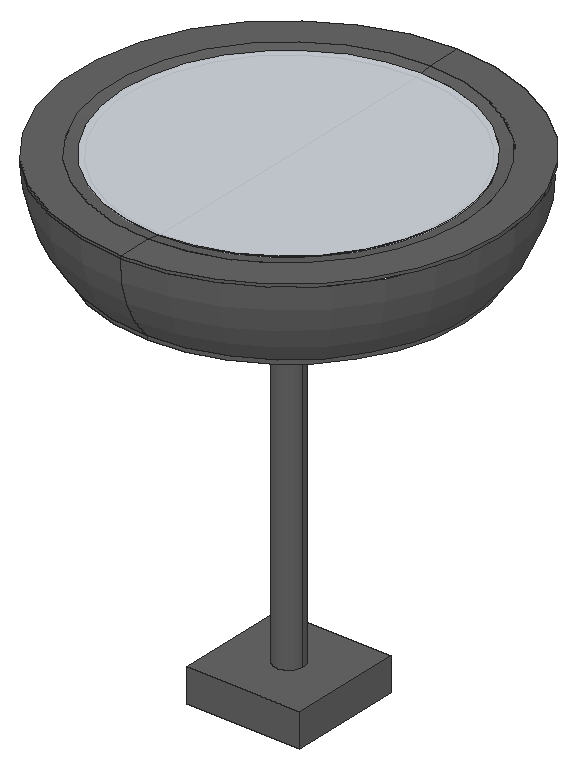
Revit family "SRT2-Pendant", category Lighting Fixtures, host Face, Revit 2021
Family settings
  Host = Face
  Round Connector Dimension = Use Diameter
  Part Type = Normal
  OmniClass Number = 23.80.70.11.14.11
  OmniClass Title = Downlights
  Cut with Voids When Loaded = No
  Light Source = Yes
  Shared = No
  Room Calculation Point = No
Parameters (values of type "SRT2")
  Wattage Comments = "30-140W"
  Wattage = 55 W
  Warranty = "• 5 year warranty\r\n• See HLI Standard Warranty for\r\nadditional information"  # constant formula
  built-in parameter 1150110 = 1 (stored number, unit not read)
  Voltage = 120 V
  built-in parameter 1114217 = 1 (stored number, unit not read)
  Tilt Angle = -90.00°  # constant formula
  built-in parameter 1150109 = 1 (stored number, unit not read)
  built-in parameter 1150134 = 3
  built-in parameter 1150113 = 1 (stored number, unit not read)
  Photometric Web File = "generic.ies"
  Features = "•\tSize measuring 18.5 inch x 4.0 inch\r\n•\tVisual comfort Edge-Lit design\r\n•\t4,000-16,000 lumens\r\n•\tOption uplight module provides 800 lumens of indirect illumination\r\n•\tSurface, pendant and trunnion mounting options\r\n•\tControl options including occupancy sensing, NX Distributed Intelligence™, wiSCAPE®\r\n•\tBattery backup and UL 924 control options\r\n•\tOptional bird shield and vandal deterring wire guard\r\n"  # constant formula
  Cord Height = 17.500"  # constant formula
  built-in parameter 1150105 = 433.3 (stored number, unit not read)
  Lumens = 5445 lm
  built-in parameter 1150115 = 1 (stored number, unit not read)
  built-in parameter 1150137 = (empty or 0)
  built-in parameter 1150139 = (empty or 0)
  built-in parameter 1150112 = 1 (stored number, unit not read)
  built-in parameter 1150114 = 1 (stored number, unit not read)
  built-in parameter 1150132 = (empty or 0)
  built-in parameter 1150102 = (empty or 0)
  built-in parameter 1150107 = 3200 (stored number, unit not read)
  built-in parameter 1150138 = (empty or 0)
  built-in parameter 1150106 = 4.333 (stored number, unit not read)
  Emit from Circle Diameter = 4.000"  # constant formula
  Emit Shape Visible in Rendering = no
  built-in parameter 1150104 = 9.1974 (stored number, unit not read)
  Dimming Lamp Color Temperature Shift = <None>
  Copyright = "©  Beacon Products"  # constant formula
  Contact us = ""
  Color Filter = 16777215
  Certifications = "• Listed to UL1598 for use in wet location,\r\nlisted for -40o\r\nC to 40o\r\nC applications\r\n• IDA approved with zero uplight for 3000K\r\nand warmer CCTs\r\n• IP65"  # constant formula
  built-in parameter 1114218 = 1 (stored number, unit not read)
  Ballast = Paint - Carbon Black
  URL = "https://www.currentlighting.com/beacon"
  Product Page URL = ""
  Product Documentation Link = ""
  Model = "SRT2"  # constant formula
  Manufacturer = "Beacon Products"  # constant formula
  Lamp = "LED Lamp"
  Reflector = Glass
  Description = "Large Edge-Lit luminaire, the ideal solution for parking garage and canopy applications. Provides exceptional visual comfort and photometric performance in sleek low profile housing. Available in a wide range of lumen outputs and photometric distributions paired with a specially designed lens for optimal visual comfort and performance. Control options available for site customization and additional energy savings."  # constant formula
  Default Elevation = 48.000"
  built-in parameter 1150133 = 10 (stored number, unit not read)
  Apparent Load = 140 VA  # constant formula
Reference planes (in)
  plane 1 "Center (Front/Back)": y = 0
  plane 2: z = 0
  plane 3 "Center (Left/Right)": x = 0
  plane 4: z = 17.5
  plane 5: z = 17.25
  plane 6: x = -1
  plane 7: y = 1
  plane 8: x = 1
  plane 9: y = -1
Forms (in)
  Revolve 1, solid, material "Paint - Carbon Black" <- "Ballast"
    sketch origin (0, 0, -5.91673) x (1, 0, 0) y (0, 0, 1)
      loop
        line (0, 23.41673) -> (-0.625, 23.41673) -> (-0.625, 7.36595) -> (-0.625, 5.91673) -> (0, 5.91673) -> (0, 23.41673)
      axis (0, 23.41673) -> (0, 5.91673)
    angle from 0 to 360
  Extrusion 2, solid, material "Paint - Carbon Black" <- "Ballast"
    sketch origin (0, 0, 0) x (1, 0, 0) y (0, 1, 0)
      loop
        line (-2.5, 2.5) -> (-2.5, -2.5) -> (2.5, -2.5) -> (2.5, 2.5) -> (-2.5, 2.5)
    from 0 to 1.44922
Cuts and joins
  joined: Revolve 1, Extrusion 2
Dimensions and locks (in)
  "Cord Height": plane 4 to host face
  locked: plane 4 to plane 5 at 0.25
  plane 6 to plane 3 "Center (Left/Right)" to plane 8 = 1.000" locked, 1.000" locked
  plane 7 to plane 1 "Center (Front/Back)" to plane 9 = 1.000" locked, 1.000" locked
  nested 1 to nested 1 = 18.500"
  nested 1 to plane 4 = 4.000"
  aligned and locked: plane 2 to host face
  aligned and locked: Revolve 1 sketch curve to plane 4
  aligned and locked: plane 3 "Center (Left/Right)" to nested 1
  aligned and locked: nested 1 to plane 1 "Center (Front/Back)"
  aligned and locked: Extrusion 2 to level
  aligned and locked: plane 3 "Center (Left/Right)" to imposter light
Automatic sketch dimensions
  host sketch curve to host sketch curve = 96.000"  (x2)
  Extrusion 2 sketch curve to plane 6 = 1.500"
  plane 8 to Extrusion 2 sketch curve = 1.500"
  Extrusion 2 sketch curve to plane 9 = 1.500"
  plane 7 to Extrusion 2 sketch curve = 1.500"
  plane 6 to Revolve 1 sketch curve = 0.375"
  Revolve 1 sketch curve to level = 0.000"
  Revolve 1 sketch curve to plane 3 "Center (Left/Right)" = 0.000"  (x2)
  Revolve 1 sketch curve to level = 13.75728"
  Revolve 1 sketch curve to Revolve 1 sketch curve = 1.44922"
  Revolve 1 sketch curve to Revolve 1 sketch curve = 7.74272"
Nested families (in)
  nested 1: "LTC" at (0, 0, 17.5) x (0, 1, 0) z (0, 0, 1), Ballast <- "Ballast", Reflector <- "Reflector", type "6"
    with Reflector Glass, Ballast Paint - Carbon Black
Connectors (in)
  electrical at (0, 0, 0), driven by "Description", driven by "Voltage", driven by "Apparent Load"
    settings: index 1, voltage 120 V, apparent load 140 VA, apparent load phase1 0 VA, apparent load phase2 0 VA, apparent load phase3 0 VA, power factor 1, load classification "Other", number of poles 1, system type 30, power factor state 1, is connector primary yes, connector utility no, sub classification motor no, connector description "Large Edge-Lit luminaire, the ideal solution for parking garage and canopy applications. Provides exceptional visual comfort and photometric performance in sleek low profile housing. Available in a wide range of lumen outputs and photometric distributions paired with a specially designed lens for optimal visual comfort and performance. Control options available for site customization and additional energy savings."
Definition of nested family "LTC"
  Parameters
    Width = 18.500"
    Wattage Comments = ""
    Lamp = ""
    Ballast [instance] = none
    URL = ""
    Product Page URL = ""
    Product Documentation Link = ""
    Model = ""
    Manufacturer Phone = ""
    Manufacturer Fax = ""
    Manufacturer = "Prescolite"
    Reflector [instance] = none
    Description = ""
    Default Elevation = 48.000"
  Reference planes (in)
    plane 1 "Center (Front/Back)": y = 0
    plane 2: z = 0
    plane 3 "Center (Left/Right)": x = 0
    plane 4: y = 7.75
    plane 5: y = -7.75
    plane 6: x = -9.25
    plane 7: x = 9.25
    plane 8: z = 4
    plane 9: z = 0.125
    plane 10: x = 9.125
    plane 11: z = 3.875
  Forms (in)
    Extrusion 1, solid
      sketch origin (0, 0, 0) x (1, 0, 0) y (0, 1, 0)
        loop
          line (-48, 48) -> (-48, -48) -> (48, -48) -> (48, 48) -> (-48, 48)
      from 0 to -6
    Extrusion 2, solid, material <- "Reflector"
      sketch origin (0, 0, 30.25) x (1, 0, 0) y (0, 1, 0)
        loop
          circle (0, 0) r 7.25
      from -26.375 to -26.30586
    Revolve 3, solid, material <- "Ballast"
      sketch origin (0, 0, -1.25) x (1, 0, 0) y (0, 0, 1)
        loop
          line (0, 1.25) -> (7.75, 1.25) -> (7.75, 1.5) -> (7.87332, 1.5)
          arc (7.87332, 1.5) -> (8.89424, 3.18619) -> (9.25, 5.125) r 5.46092
          line (9.25, 5.125) -> (9.25, 5.25) -> (7.75579, 5.25) -> (7.04688, 5.125) -> (0, 5.125) -> (0, 1.25)
        axis (0, 5.25) -> (0, 1.25)
      angle from 0 to 360
  Dimensions and locks (in)
    locked: plane 4 to plane 1 "Center (Front/Back)" at 7.75
    locked: plane 5 to plane 1 "Center (Front/Back)" at 7.75
    "Width": plane 7 to plane 6
    plane 8 to Extrusion 1 = 4.000"
    locked: plane 8 to plane 11 at 0.125
    locked: plane 7 to plane 10 at 0.125
    equal spacing: plane 7, plane 3 "Center (Left/Right)", plane 6
    locked: plane 9 to Extrusion 1 at 0.125
    aligned and locked: plane 2 to Extrusion 1
  Automatic sketch dimensions
    Extrusion 1 sketch curve to Extrusion 1 sketch curve = 96.000"  (x2)
    plane 1 "Center (Front/Back)" to Extrusion 2 sketch curve = 0.000"
    Extrusion 2 sketch curve to plane 3 "Center (Left/Right)" = 0.000"
    Revolve 3 sketch curve to plane 3 "Center (Left/Right)" = 0.000"  (x2)
    Revolve 3 sketch curve to level = 0.000"
    Revolve 3 sketch curve to plane 11 = 0.000"  (x2)
    Revolve 3 sketch curve to plane 8 = 0.000"
    Revolve 3 sketch curve to plane 7 = 0.000"
    Revolve 3 sketch curve to plane 10 = 2.07813"
    plane 9 to Revolve 3 sketch curve = 0.125"
    Revolve 3 sketch curve to plane 10 = 1.375"
    Revolve 3 sketch curve to Revolve 3 sketch curve = 0.70891"
    Revolve 3 sketch curve to Revolve 3 sketch curve = 0.12332"
    Revolve 3 sketch curve to Revolve 3 sketch curve = 10.000"
    Revolve 3 sketch curve to Revolve 3 sketch curve = 8.000"
    radius of Extrusion 2 sketch curve = 7.250"
